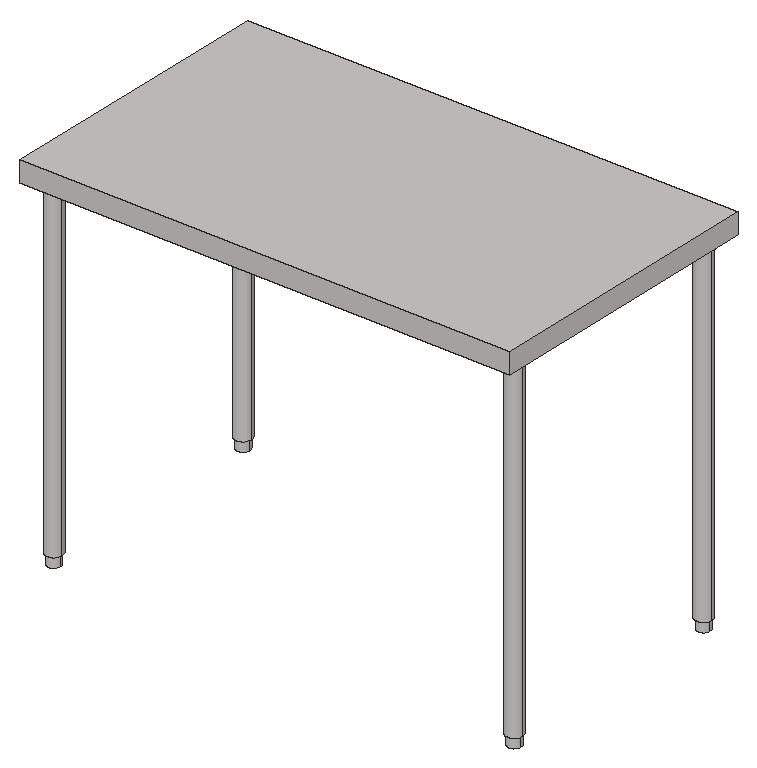
Revit family "QF_ELECTROLUXPROFESSIONAL_133049_TG1200EN", category Attrezzature speciali, Revit 2020
Family settings
  Quota connettore circolare = Usa diametro
  Tipo di parte = Normale
  Basato su piano di lavoro = No
  Sempre verticale = Sì
  Taglio con vuoti quando caricato = No
  Condiviso = No
  Punto di calcolo locali = No
Parameters (values of type "Standard")
  Weight = 40.00 kg
  Watts = 0 W
  Volts = 0 V
  URL Manufacturer = "https://www.electroluxprofessional.com/"
  URL = "https://www.electroluxprofessional.com/"
  Steam Supply Size = 0 mm
  Steam Supply Minimum Pressure = 0.0 Pa
  Steam Supply Maximum Pressure = 0.0 Pa
  Steam Consumption per Hour = 0
  Refrigeration Suction Line Size = 0.0 mm
  Refrigeration Liquid Line Size = 0.0 mm
  Refrigerant Compressor Remote = yes
  Prospetto di default = 0.0 mm
  Produttore = "Electrolux Professional"
  Phase = 0
  Modello = "TG1200EN"
  Length Actual = 1200.0 mm  # constant formula
  Item Number = "133049"
  Hot Water Size = 0 mm
  Height Actual = 900.0 mm  # constant formula
  HP = "0 HP"
  Gas Size = 0 mm
  Gas KW = 0
  Gas Input Pressure = 0 W
  Direct Waste Size = 0 mm
  Descrizione = "WORK TABLE 1200 MM"
  Depth Actual = 700.0 mm  # constant formula
  Cycle = 0 Hz
  Condensate Return Size = 0 mm
  Compressed Air Volume = 0.0 L/s
  Compressed Air Size = 0 mm
  Compressed Air Pressure = 0.0 Pa
  Cold Water Size = 0 mm
  Accessory = yes
Reference planes
  plane 1 "Center (Front/Back)": y = 0
  plane 2: z = 0
  plane 3 "Center (Left/Right)": x = -100
  plane 4 "LEFT": x = -700
  plane 5 "RIGHT": x = 500
  plane 6 "BACK": y = 350
  plane 7 "FRONT": y = -350
  plane 8 "Base": z = 850
  plane 9 "TOP": z = 900
  plane 10: x = -664.5
  plane 11: x = 464.5
  plane 12: y = 290
  plane 13: y = -290
Forms (mm)
  Extrusion 1, solid, material "QF_Finishes_Stainless Steel"
    sketch origin (-100, 0, 0) x (0, 1, 0) y (0, 0, 1)
      loop
        line (-350, 850) -> (350, 850) -> (350, 900) -> (-350, 900) -> (-350, 850)
    from 600 to -600
Lines and regions (mm)
  symbolic lines
    curve 1: line (500, 350, 900) -> (-700, 350, 900)
    curve 2: line (-700, 350, 900) -> (-700, -350, 900)
    curve 3: line (-700, -350, 900) -> (500, -350, 900)
    curve 4: line (500, -350, 900) -> (500, 350, 900)
Dimensions and locks
  plane 4 "LEFT" to plane 5 "RIGHT" = 1200.0 mm
  equal spacing: plane 4 "LEFT", plane 3 "Center (Left/Right)", plane 5 "RIGHT"
  locked: plane 8 "Base" to level at 850
  plane 4 "LEFT" to plane 10 = 35.5 mm
  plane 11 to plane 5 "RIGHT" = 35.5 mm
  plane 10 to plane 11 = 1129.0 mm
  locked: plane 9 "TOP" to level at 900
  plane 6 "BACK" to plane 12 = 60.0 mm
  plane 13 to plane 7 "FRONT" = 60.0 mm
  plane 6 "BACK" to plane 7 "FRONT" = 700.0 mm
  plane 12 to plane 13 = 580.0 mm
  equal spacing: plane 6 "BACK", plane 1 "Center (Front/Back)", plane 7 "FRONT"
  aligned and locked: level to plane 2
  aligned and locked: plane 10 to nested 1
  aligned and locked: nested 1 to plane 13
  aligned and locked: plane 11 to nested 2
  aligned and locked: nested 2 to plane 13
  aligned and locked: plane 11 to nested 4
  aligned and locked: nested 4 to plane 12
  aligned and locked: plane 10 to nested 3
  aligned and locked: nested 3 to plane 12
  aligned and locked: Extrusion 1 to plane 4 "LEFT"
  aligned and locked: plane 5 "RIGHT" to Extrusion 1
  aligned and locked: curve 2 to plane 4 "LEFT"
Automatic sketch dimensions
  Extrusion 1 sketch curve to plane 7 "FRONT" = 0.0 mm
  Extrusion 1 sketch curve to plane 8 "Base" = 0.0 mm
  curve 3 to plane 7 "FRONT" = 0.0 mm
  curve 4 to plane 6 "BACK" = 0.0 mm
  Extrusion 1 sketch curve to plane 9 "TOP" = 0.0 mm
  Extrusion 1 sketch curve to plane 6 "BACK" = 0.0 mm
  curve 4 to plane 5 "RIGHT" = 0.0 mm
Nested families
  nested 1: "FEET_D40" at (-664.5, -290, 0), type "FEET_D40"
  nested 2: "FEET_D40" at (464.5, -290, 0), type "FEET_D40"
  nested 3: "FEET_D40" at (-664.5, 290, 0), type "FEET_D40"
  nested 4: "FEET_D40" at (464.5, 290, 0), type "FEET_D40"
Definition of nested family "FEET_D40"
  Parameters
    Default Elevation = 0.0 mm
    FEET = 850.0 mm
  Reference planes
    plane 1 "Center (Front/Back)": y = 0
    plane 2: z = 0
    plane 3 "Center (Left/Right)": x = 0
    plane 4: z = 850
  Forms (mm)
    Extrusion 1, solid
      sketch origin (0, 0, 0) x (1, 0, 0) y (0, 1, 0)
        loop
          circle (0, 0.002) r 20
      from 25 to 845
    Extrusion 2, solid
      sketch origin (0, 0, 0) x (1, 0, 0) y (0, 1, 0)
        loop
          circle (0, 0) r 16
      from 0 to 25
    Extrusion 3, solid
      sketch origin (0, 0, 0) x (1, 0, 0) y (0, 1, 0)
        loop
          circle (0, 0.002) r 30
      from 845 to 850
  Lines and regions (mm)
    symbolic lines
      curve 1: line (0, -1.503, 0) -> (0, 1.508, 0)
      curve 2: line (1.561, 0, 0) -> (-1.439, 0, 0)
  Dimensions and locks
    "FEET": plane 4 to plane 2
    aligned and locked: level to plane 2
  Automatic sketch dimensions
    plane 1 "Center (Front/Back)" to Extrusion 2 sketch curve = 0.0 mm
    Extrusion 2 sketch curve to plane 3 "Center (Left/Right)" = 0.0 mm
    plane 1 "Center (Front/Back)" to curve 2 = 0.0 mm
    curve 1 to plane 3 "Center (Left/Right)" = 0.0 mm
    curve 2 to plane 3 "Center (Left/Right)" = 1.439 mm
    plane 3 "Center (Left/Right)" to curve 2 = 1.561 mm
    plane 1 "Center (Front/Back)" to curve 1 = 1.503 mm
    curve 1 to plane 1 "Center (Front/Back)" = 1.508 mm
    Extrusion 1 sketch curve to plane 3 "Center (Left/Right)" = 0.0 mm
    Extrusion 1 sketch curve to plane 1 "Center (Front/Back)" = 0.002 mm
    Extrusion 3 sketch curve to plane 3 "Center (Left/Right)" = 0.0 mm
    Extrusion 3 sketch curve to plane 1 "Center (Front/Back)" = 0.002 mm
    radius of Extrusion 2 sketch curve = 16.0 mm
    radius of Extrusion 1 sketch curve = 20.0 mm
    radius of Extrusion 3 sketch curve = 30.0 mm
